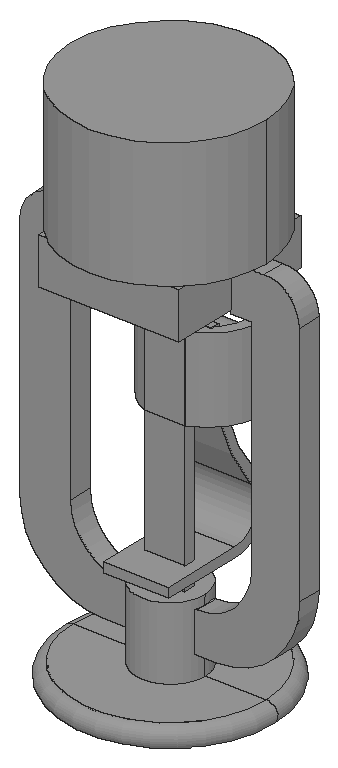
Revit family
Parameters (values of type "RASCO G PENDENT")
  Temperature Rating = 212 °F
  Response = (empty or 0)
  RASCO SIN # = "R1017"
  RASCO Part # = "GP2LC"
  Pressure Rating = "175 PSI"
  Pressure Class = (empty or 0)
  Orifice Size = 17/32"
  Orifice = (empty or 0)
  Model = "G"
  Manufacturer = "RASCO"
  K-Factor = 8.2
  Description = "Chrome Finish"
  Coverage = (empty or 0)
Reference planes (in)
  plane 1 "Center (Front/Back)": y = 0
  plane 2: z = 0
  plane 3 "Center (Left/Right)": x = 0
Dimensions and locks (in)
  aligned and locked: plane 2 to level
Nested families (in)
  nested 1: "GP2LC" at (-0.00619, 0.29546, 2.937) x (-1, 0, 0) z (0, 0, -1), type "RASCO G PENDENT"
Connectors (in)
  piping at (-0.00619, 0.29546, 2.937)
    settings: on nested 1, index 1, connector radius 1/2", flow factor 0, pipe flow 0 GPM, pressure drop 0.00 psi, fitting loss kfactor 0, connector angle 0.00°, fixture units 0, flow configuration 0, flow direction 0, fitting loss method 0, system type 7, connector reference index -1, connector utility 0, adjustable connector no, is connector primary yes, fitting loss table "", connector description ""
Definition of nested family "GP2LC"
  Parameters (values of type "RASCO G PENDENT")
    Type Comments = ""
    Temperature Rating = 0 °F
    Response = (empty or 0)
    Pressure Rating = "0"
    Pressure Class = (empty or 0)
    Orifice Size = 0"
    Orifice = (empty or 0)
    Model = ""
    Manufacturer = ""
    K-Factor = 0
    Description = ""
    Coverage = (empty or 0)
    Assembly Code = ""
  Reference planes (in)
    plane 1 "Center (Front/Back)": y = 0
    plane 2: z = 0
    plane 3 "ref.2": z = 0.6875
    plane 4 "ref.3": z = 0.9375
    plane 5: x = -0.38065
    plane 6: x = 0.36935
    plane 7 "ref. side 1": y = 0.06402
    plane 8 "ref. side 2": y = -0.06098
    plane 9 "ref.4": z = 1.875
    plane 10 "ref.5": z = 2.937
    plane 11 "center": x = -0.00574
  Forms (in)
    Extrusion 1, solid, material "Default"
      sketch origin (0, 0, 0) x (1, 0, 0) y (0, 1, 0)
        loop
          circle (0, 0) r 0.5245
      from 0 to 0.6875
    Extrusion 2, solid, material "Default"
      sketch origin (-0.12185, 0.05177, 0.6875) x (1, 0, 0) y (0, 1, 0)
        loop
          line (-0.2588, 0.356) -> (-0.2588, -0.4565) -> (0.4912, -0.4565) -> (0.4912, 0.356) -> (-0.2588, 0.356)
      from 0 to 0.25
    Extrusion 3, solid, material "Default"
      sketch origin (-0.00034, 0, 0.01527) x (1, 0, 0) y (0, 0, 1)
        loop
          line (-0.49248, 0.9375) -> (-0.49248, 2.1327)
          arc (-0.49248, 2.1327) -> (-0.40724, 2.33849) -> (-0.20145, 2.42373) r 0.29103
          line (-0.20145, 2.42373) -> (0.18108, 2.42373)
          arc (0.18108, 2.42373) -> (0.38905, 2.33759) -> (0.47519, 2.12963) r 0.29411
          line (0.47519, 2.12963) -> (0.47519, 0.9375) -> (0.36935, 0.9375) -> (0.36935, 0.6875) -> (0.55741, 0.6875)
          arc (0.55741, 0.6875) -> (0.69165, 0.7431) -> (0.74725, 0.87734) r 0.18984
          line (0.74725, 0.87734) -> (0.74725, 2.19113)
          arc (0.74725, 2.19113) -> (0.61669, 2.50631) -> (0.3015, 2.63687) r 0.44574
          line (0.3015, 2.63687) -> (-0.30719, 2.63687)
          arc (-0.30719, 2.63687) -> (-0.62225, 2.50637) -> (-0.75275, 2.19131) r 0.44556
          line (-0.75275, 2.19131) -> (-0.75275, 0.87876)
          arc (-0.75275, 0.87876) -> (-0.69673, 0.74352) -> (-0.56149, 0.6875) r 0.19126
          line (-0.56149, 0.6875) -> (-0.38065, 0.6875) -> (-0.38065, 0.9375) -> (-0.49248, 0.9375)
      from -0.06402 to 0.06098
    Extrusion 4, solid, material "Default"
      sketch origin (-0.00199, 0, 2.4995) x (-1, 0, 0) y (0, -1, 0)
        loop
          circle (0.00574, -0.00152) r 0.1875
      from -0.10571 to 0.4375
    Revolve 5, solid, material "Default"
      sketch origin (-0.00271, 0, 0.37011) x (1, 0, 0) y (0, 0, 1)
        loop
          line (-0.00574, 2.41148) -> (-0.00574, 2.52696) -> (-0.52388, 2.52696)
          arc (-0.52388, 2.52696) -> (-0.58162, 2.46922) -> (-0.52388, 2.41148) r 0.05774
          line (-0.52388, 2.41148) -> (-0.00574, 2.41148)
        axis (-0.00574, 2.41148) -> (-0.00574, 2.52696)
      angle from 0 to 360
    Extrusion 6, solid, material "Default"
      sketch origin (0, 0, 0.9375) x (-1, 0, 0) y (0, -1, 0)
        loop
          line (-0.10175, -0.02852) -> (0.11324, -0.02852) -> (0.11324, 0.03101) -> (-0.10175, 0.03101) -> (-0.10175, -0.02852)
      from 0 to 1.45629
    Extrusion 7, solid, material "Default"
      sketch origin (-0.00574, -0.0095, -0.07537) x (0, 0, -1) y (0, -1, 0)
        loop
          line (-2.39379, 0.21198) -> (-2.39379, -0.229)
          arc (-2.39379, -0.229) -> (-2.26956, -0.41579) -> (-2.04926, -0.37342) r 0.20254
          arc (-2.04926, -0.37342) -> (-1.6599, -0.16721) -> (-1.22163, -0.12207) r 1.15319
          line (-1.22163, -0.12207) -> (-1.22163, -0.07087)
          arc (-1.22163, -0.07087) -> (-1.6782, -0.11947) -> (-2.0834, -0.33544) r 1.20419
          arc (-2.0834, -0.33544) -> (-2.24878, -0.36919) -> (-2.34279, -0.229) r 0.15154
          line (-2.34279, -0.229) -> (-2.34279, 0.21198) -> (-2.39379, 0.21198)
      from -0.17255 to 0.17398
    Extrusion 8, solid, material "Default"
      sketch origin (0, 0, 0) x (1, 0, 0) y (0, 1, 0)
        loop
          arc (0.23993, 0.23051) -> (0.19768, 0.11115) -> (0.10175, 0.02852) r 0.24647
          line (0.10175, 0.02852) -> (-0.11324, 0.02852)
          arc (-0.11324, 0.02852) -> (-0.21767, 0.12447) -> (-0.25194, 0.2621) r 0.24647
          line (-0.25194, 0.2621) -> (-0.25194, 0.40777) -> (-0.30719, 0.40777) -> (-0.30719, 0.25942)
          arc (-0.30719, 0.25942) -> (-0.25653, 0.08328) -> (-0.11324, -0.03101) r 0.30157
          line (-0.11324, -0.03101) -> (0.10175, -0.03101)
          arc (0.10175, -0.03101) -> (0.24461, 0.08262) -> (0.29574, 0.25785) r 0.30157
          line (0.29574, 0.25785) -> (0.29574, 0.40777) -> (0.23993, 0.40777) -> (0.23993, 0.23051)
      from 1.14626 to 1.59756
    Extrusion 9, solid, material "Default"
      sketch origin (-0.00574, -0.0095, -0.07537) x (0, 0, -1) y (0, -1, 0)
        loop
          circle (-1.44728, -0.26892) r 0.13147
      from -0.24568 to 0.24619
  Cuts and joins
    joined: Extrusion 1, Extrusion 2, Revolve 5
  Dimensions and locks (in)
    plane 10 "ref.5" to level = 2.937"
